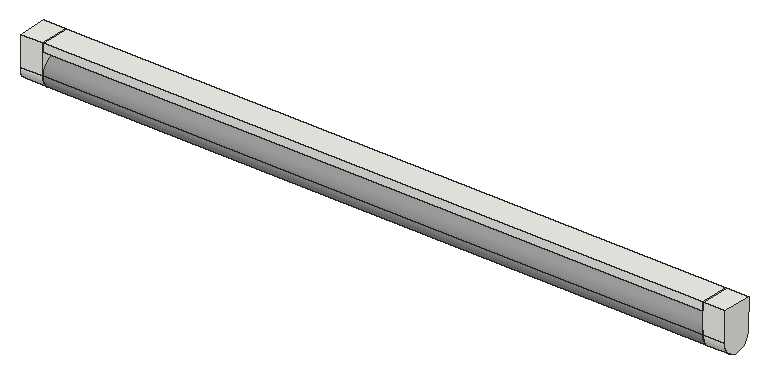
Revit family "c6d2bdaa0918402fa3cb84c4efa23d9b", category Lighting Fixtures, Revit 2021
Family settings
  Round Connector Dimension = Use Diameter
  Part Type = Normal
  OmniClass Number = 23.80.70.11.14.11
  OmniClass Title = Downlights
  Seek Item ID = Downlight - Strip-0000-USA-ENU
  Work Plane-Based = No
  Always vertical = Yes
  Cut with Voids When Loaded = No
  Light Source = Yes
  Shared = No
  Room Calculation Point = No
Parameters (values of type "24" - 277V")
  Wattage Comments = "17"
  Wattage = 17 W
  built-in parameter 1150110 = 1 (stored number, unit not read)
  built-in parameter 1114217 = 0.88 (stored number, unit not read)
  built-in parameter 1150109 = 1 (stored number, unit not read)
  built-in parameter 1150134 = 8
  built-in parameter 1150113 = 1 (stored number, unit not read)
  Tilt Angle = 90.00°
  Photometric Web File = "DS1T8.IES"
  Lumens = 1349.97 lm
  built-in parameter 1150115 = 1 (stored number, unit not read)
  built-in parameter 1150105 = 107.43 (stored number, unit not read)
  Load Classification = Lighting - Dwelling Unit
  built-in parameter 1150137 = 1
  built-in parameter 1150139 = (empty or 0)
  Light Elevation [instance] = 4' - 6"
  Light Length = 2' - 0"
  Light Box Material = Steel, Paint Finish, Ivory, Glossy
  built-in parameter 1150112 = 1 (stored number, unit not read)
  built-in parameter 1150114 = 1 (stored number, unit not read)
  Lamp = "T-8"
  built-in parameter 1150132 = (empty or 0)
  built-in parameter 1150102 = (empty or 0)
  built-in parameter 1150138 = (empty or 0)
  built-in parameter 1150107 = 4230 (stored number, unit not read)
  built-in parameter 1150106 = 1.0743 (stored number, unit not read)
  Fixture Material = Glass, White, High Luminance
  Emit from Line Length = Light Length - 0' 1 1/2"  # 1' - 10 1/2"
  built-in parameter 1150104 = 7.3774 (stored number, unit not read)
  Dimming Lamp Color Temperature Shift = <None>
  Default Elevation = 0' - 0"
  Color Filter = 16777215
  Ballast Voltage = 277 V
  Ballast Number of Poles = 1
  built-in parameter 1114218 = 0.88 (stored number, unit not read)
  built-in parameter 1150133 = 10 (stored number, unit not read)
  Assembly Code = "D5020210"
  Apparent Load = 17 VA
Types (5): name | Wattage Comments | Wattage | Photometric Web File | Lumens | built-in parameter 1150105 | Light Length | Lamp | built-in parameter 1150106 | Emit from Line Length | built-in parameter 1150104 | Ballast Voltage | Apparent Load
  (no name) | "17" | 17 W | "DS1T8.IES" | 1349.97 lm | 107.43 (stored number, unit not read) | 2' - 0" | "T-8" | 1.0743 (stored number, unit not read) | 1' - 10 1/2" | 7.3774 (stored number, unit not read) | 277 V | 17 VA
  48" - 120V | "40" | 40 W | "DS1T12.IES" | 3150 lm | 250.67 (stored number, unit not read) | 4' - 0" | "T-12" | 2.5067 (stored number, unit not read) | 3' - 10 1/2" | 7.3161 (stored number, unit not read) | 120 V | 40 VA
  24" - 120V | "17" | 17 W | "DS1T8.IES" | 1349.97 lm | 107.43 (stored number, unit not read) | 2' - 0" | "T-8" | 1.0743 (stored number, unit not read) | 1' - 10 1/2" | 7.3774 (stored number, unit not read) | 120 V | 17 VA
  24" - 277V | "17" | 17 W | "DS1T8.IES" | 1349.97 lm | 107.43 (stored number, unit not read) | 2' - 0" | "T-8" | 1.0743 (stored number, unit not read) | 1' - 10 1/2" | 7.3774 (stored number, unit not read) | 277 V | 17 VA
  48" - 277V | "40" | 40 W | "DS1T12.IES" | 3150 lm | 250.67 (stored number, unit not read) | 4' - 0" | "T-12" | 2.5067 (stored number, unit not read) | 3' - 10 1/2" | 7.3161 (stored number, unit not read) | 277 V | 40 VA
Reference planes (in)
  plane 1 "Light Source Axis (F/B)": y = -8.60801
  plane 2: z = 0
  plane 3 "Light Source Axis (L/R)": x = 0
  plane 4 "Light Source Elevation": z = 53
  plane 5 "Left": x = -12
  plane 6 "Right": x = 12
  plane 7: x = -11.25
  plane 8: x = 11.25
  plane 9: z = 54
  plane 10: z = 53.75
Forms (in)
  Extrusion 1, solid, material "Steel, Paint Finish, Ivory, Glossy" <- "Light Box Material"
    sketch origin (0, 0, 0) x (0, 1, 0) y (0, 0, 1)
      loop
        line (-8.10801, 54) -> (-9.10801, 54) -> (-9.10801, 53)
        arc (-9.10801, 53) -> (-8.60801, 52.5) -> (-8.10801, 53) r 0.5
        line (-8.10801, 53) -> (-8.10801, 54)
    from 11.25 to 12
  Extrusion 2, solid, material "Steel, Paint Finish, Ivory, Glossy" <- "Light Box Material"
    sketch origin (0, 0, 0) x (0, 1, 0) y (0, 0, 1)
      loop
        line (-8.10801, 54) -> (-9.10801, 54) -> (-9.10801, 53)
        arc (-9.10801, 53) -> (-8.60801, 52.5) -> (-8.10801, 53) r 0.5
        line (-8.10801, 53) -> (-8.10801, 54)
    from -12 to -11.25
  Extrusion 3, solid, material "Steel, Paint Finish, Ivory, Glossy" <- "Light Box Material"
    sketch origin (0, 0, 0) x (0, 1, 0) y (0, 0, 1)
      loop
        line (-8.10801, 54) -> (-9.10801, 54) -> (-9.10801, 53.75) -> (-8.10801, 53.75) -> (-8.10801, 54)
    from -11.25 to 11.25
  Extrusion 4, solid, material "Glass, White, High Luminance" <- "Fixture Material"
    sketch origin (0, 0, 0) x (0, 1, 0) y (0, 0, 1)
      loop
        circle (-8.60801, 53) r 0.5
    from -11.25 to 11.25
Dimensions and locks (in)
  equal spacing: plane 5 "Left", plane 3 "Light Source Axis (L/R)", plane 6 "Right"
  "Light Length": plane 5 "Left" to plane 6 "Right"
  locked: plane 5 "Left" to plane 7 at 0.75
  locked: plane 8 to plane 6 "Right" at 0.75
  locked: plane 9 to plane 4 "Light Source Elevation" at 1
  "Light Elevation": plane 9 to level
  locked: plane 9 to plane 10 at 0.25
  aligned and locked: plane 6 "Right" to Extrusion 1
  aligned and locked: Extrusion 2 to plane 5 "Left"
  aligned and locked: Extrusion 3 sketch curve to Extrusion 1  (x3)
  aligned and locked: plane 10 to Extrusion 3 sketch curve
  aligned and locked: Extrusion 2 to plane 7
  aligned and locked: plane 8 to Extrusion 1
  aligned and locked: Extrusion 3 to plane 8
  aligned and locked: plane 7 to Extrusion 3
  aligned and locked: Extrusion 4 to plane 8
  aligned and locked: plane 7 to Extrusion 4
  aligned and locked: plane 3 "Light Source Axis (L/R)" to imposter light
  aligned and locked: plane 1 "Light Source Axis (F/B)" to imposter light
  aligned and locked: plane 4 "Light Source Elevation" to imposter light
Automatic sketch dimensions
  Extrusion 1 sketch curve to plane 9 = 0' - 0"
  Extrusion 1 sketch curve to plane 4 "Light Source Elevation" = 0' - 0"
  Extrusion 1 sketch curve to plane 1 "Light Source Axis (F/B)" = 0' - 0"
  Extrusion 1 sketch curve to plane 1 "Light Source Axis (F/B)" = 0' - 0 1/2"
  Extrusion 2 sketch curve to plane 1 "Light Source Axis (F/B)" = 0' - 0"
  plane 1 "Light Source Axis (F/B)" to Extrusion 2 sketch curve = 0' - 0 1/2"
  Extrusion 2 sketch curve to plane 9 = 0' - 1"
  Extrusion 2 sketch curve to Extrusion 2 sketch curve = 0' - 1"
  Extrusion 4 sketch curve to plane 1 "Light Source Axis (F/B)" = 0' - 0"
  Extrusion 4 sketch curve to plane 4 "Light Source Elevation" = 0' - 0"
  radius of Extrusion 4 sketch curve = 0' - 0 1/2"
Connectors (in)
  electrical at (0, -8.60801, 54), driven by "Apparent Load", driven by "Ballast Voltage", driven by "Ballast Number of Poles", driven by "Load Classification"
    settings: on Extrusion 3, index 1, voltage 277 V, apparent load 0 VA, apparent load phase1 17 VA, apparent load phase2 0 VA, apparent load phase3 0 VA, power factor 0.95, load classification "Lighting - Dwelling Unit", number of poles 1, system type 31, power factor state 1, is connector primary yes, connector utility no, sub classification motor no, connector description ""
